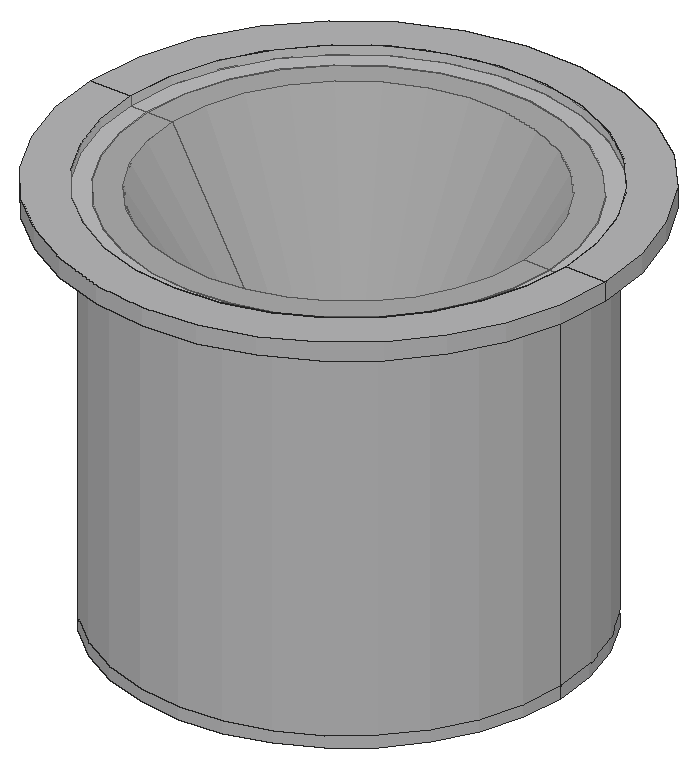
Revit family "2049529 Lighting Fixture_Sylvania_Myriad V LED_Ceiling Recessed", category Lighting Fixtures, host Face, Revit 2015
Parameters (values of type "MYRIAD SS IP65 4000K DIMM WH")
  Weight = 0.39 kg
  Wattage = 15 W
  built-in parameter 1150110 = 1 (stored number, unit not read)
  Voltage Comments = "UNV (Universal Voltage; 220-240 Volt)"  # constant formula
  Voltage = 240 V  # constant formula
  URL = ""
  built-in parameter 1114217 = 1 (stored number, unit not read)
  Tilt Angle = -90.00°  # constant formula
  built-in parameter 1150109 = 1 (stored number, unit not read)
  built-in parameter 1150134 = 12
  built-in parameter 1150113 = 1 (stored number, unit not read)
  Reflector Material = Steel_Sylvania_Myrad V LED_Chrome
  Recessed Depth = 72.0 mm
  Photometric Web File = "2049529_MYRIADVGlassWthiteBezelLED16W4K30deg+Dimmable-89348.ies"
  Product Page URL = ""
  Product Family = "MYRIAD V LED - IP65 GLASS WHITE BEZEL"  # constant formula
  Photometry Comments = ""
  built-in parameter 1150105 = 80.775 (stored number, unit not read)
  Lumens = 1015.05 lm
  built-in parameter 1150115 = 1 (stored number, unit not read)
  built-in parameter 1150137 = (empty or 0)
  built-in parameter 1150139 = (empty or 0)
  Life = "50 000h"  # constant formula
  built-in parameter 1150112 = 1 (stored number, unit not read)
  built-in parameter 1150114 = 1 (stored number, unit not read)
  Lamp Comments = "13W Citizen Citiled neutral 4000K"
  LOR = "100%"
  Inner Radius = Cutout Radius - 2.0 mm  # 36.0 mm
  built-in parameter 1150132 = 2
  built-in parameter 1150102 = (empty or 0)
  built-in parameter 1150107 = 4000 (stored number, unit not read)
  built-in parameter 1150138 = (empty or 0)
  built-in parameter 1150106 = 0.80775 (stored number, unit not read)
  Energy Class = "A++A+A"  # constant formula
  Emit from Circle Diameter = Diffuser Diameter  # 78.0 mm
  Emit Shape Visible in Rendering = no
  built-in parameter 1150104 = 6.2867 (stored number, unit not read)
  Dimming Range = "Dimmable"  # constant formula
  Dimming Lamp Color Temperature Shift = <None>
  Diffuser Diameter = Cutout Diameter + 2.0 mm  # 78.0 mm
  Diameter = Cutout Diameter  # 76.0 mm
  Cutout Radius = Cutout Diameter / 2  # 38.0 mm
  Cutout Diameter = 76.0 mm
  Control Gear Type = "Electronic"
  Color Filter = 16777215
  Catalog Number = "2049529 MYRIAD SS IP65 4000K DIMM WH"
  Body Material = Aluminum_Sylvania_Myrad V LED_Silver
  Beam Angle = 30.00°  # constant formula
  built-in parameter 1114218 = 1 (stored number, unit not read)
  built-in parameter 1150133 = 10 (stored number, unit not read)
  IP Rating = "IP65"  # constant formula
  Electrical Protection = "CLASS II"  # constant formula
  built-in parameter 1114216 [instance] = 1 (stored number, unit not read)
  Model = "MYRIAD SS IP65 4000K DIMM WH"
  Manufacturer = "Feilo-Sylvania Group"
  Lamp = "Integrated LED"
  Diffuser Material = Polycarbonate_Sylvania_Myrad V LED_Clear
  Description = "New high output high efficiency LED downlight modules. IR/UV free light source without heat radiation. Energy efficient light source with far superior luminous flux per watt than existing Low Voltage Halogen. Long life up to 50K hours, fit and forget maintenance free lighting solution. Dimmable options including DALI as standard. IP44 & IP65 versions as standard options. New range of Architectural accessories each providing a different lit dimension. Choice of colour temperatures warm 3000K and neutral 4000K. Luminaires supplied complete with LED drivers. Emergency versions passes through cut out. New completely flush plaster up accessory ring for clean ceiling lines and smooth finish. Total circuit power I5W"  # constant formula
  Default Elevation = 0.0 mm
  built-in parameter 1140040 [instance] = 1
  Assembly Code = "D5020200"
  Apparent Load Comments = ""
  Apparent Load = 15 VA
Reference planes
  plane 1 "Center (Front/Back)": y = 0
  plane 2: z = 0
  plane 3 "Center (Left/Right)": x = 0
  plane 4 "Fixture Bottom": z = 3
  plane 5 "Diffuser": z = 1.454
  plane 6 "Housing Top": z = -66.546
  plane 7 "Housing Thickness": z = -64.546
  plane 8 "Reflector Top": z = -33.546
  plane 9 "Fixture Top": z = -72
Forms (mm)
  Extrusion 1, void
    sketch origin (0, 0, 58) x (-1, 0, 0) y (0, -1, 0)
      loop
        circle (0, 0) r 38
    from -124.546 to -55
  Revolve 2, solid, material "Aluminum_Sylvania_Myrad V LED_Silver" <- "Body Material", detail levels fine
    sketch origin (0, 0, 0) x (1, 0, 0) y (0, 0, 1)
      loop
        line (-46.021, 3) -> (-46.021, 0) -> (-38, 0) -> (-38, -64.546) -> (-36.037, -64.546) -> (-36.037, 1.454) -> (-39, 1.454) -> (-39, 3) -> (-46.021, 3)
      axis (0, 3) -> (0, -64.546)
    angle from 0 to 360
  Extrusion 3, solid, material "Aluminum_Sylvania_Myrad V LED_Silver" <- "Body Material", detail levels fine
    sketch origin (0, 0, 58) x (-1, 0, 0) y (0, -1, 0)
      loop
        circle (0, 0) r 38
    from -124.546 to -122.546
  Revolve 4, solid, material "Steel_Sylvania_Myrad V LED_Chrome" <- "Reflector Material", detail levels fine
    sketch origin (0, 0, 0) x (1, 0, 0) y (0, 0, 1)
      loop
        line (-36, -33.546) -> (0, -33.546) -> (0, -31.083) -> (-12.669, -31.083) -> (-31.5, 1.454) -> (-36, 1.454) -> (-36, -33.546)
      axis (0, 1.454) -> (0, -33.546)
    angle from 0 to 360
  Extrusion 5, solid, material "Polycarbonate_Sylvania_Myrad V LED_Clear" <- "Diffuser Material", detail levels fine
    sketch origin (0, 0, 58) x (-1, 0, 0) y (0, -1, 0)
      loop
        circle (0, 0) r 39
    from -56.546 to -55
  Revolve 6, solid, material "Aluminum_Sylvania_Myrad V LED_Silver" <- "Body Material", detail levels coarse+medium
    sketch origin (0, 0, 0) x (1, 0, 0) y (0, 0, 1)
      loop
        line (-46.021, 3) -> (-46.021, 0) -> (-38, 0) -> (-38, -72) -> (0, -72) -> (0, 3) -> (-46.021, 3)
      axis (0, 3) -> (0, -72)
    angle from 0 to 360
  Revolve 7, solid
    sketch origin (0, 0, 0) x (1, 0, 0) y (0, 0, 1)
      loop
        line (-28, -66.546) -> (-28, -70)
        arc (-28, -70) -> (-27.414, -71.414) -> (-26, -72) r 2
        line (-26, -72) -> (-4.499, -72) -> (-4.499, -66.546) -> (-28, -66.546)
      axis (-4.499, -66.546) -> (-4.499, -72)
    angle from 0 to 360
Cuts and joins
  joined: Revolve 2, Extrusion 3
Dimensions and locks
  locked: plane 4 "Fixture Bottom" to plane 2 at 3
  locked: plane 5 "Diffuser" to plane 2 at 1.454
  "Cutout Radius": plane 3 "Center (Left/Right)" to Revolve 2 sketch curve
  locked: Revolve 2 sketch curve to Revolve 2 sketch curve at 1.963
  locked: Revolve 2 sketch curve to Revolve 2 sketch curve at 8.021
  locked: Revolve 4 sketch curve to Revolve 4 sketch curve at 2.463
  locked: Revolve 2 sketch curve to Revolve 2 sketch curve at 1
  "Inner Radius": plane 3 "Center (Left/Right)" to Revolve 4 sketch curve
  locked: Revolve 4 sketch curve to Revolve 4 sketch curve at 4.5
  locked: Revolve 4 sketch curve to Revolve 4 sketch curve at 23.331
  locked: plane 5 "Diffuser" to plane 8 "Reflector Top" at 35
  locked: Revolve 6 sketch curve to Revolve 6 sketch curve at 8.021
  "Cutout Radius": Revolve 6 sketch curve to imposter light
  "Recessed Depth": plane 2 to plane 9 "Fixture Top"
  locked: Revolve 7 sketch curve to imposter light at 4.499
  imposter light to Revolve 7 sketch curve = 28.0 mm
  plane 7 "Housing Thickness" to plane 6 "Housing Top" to plane 9 "Fixture Top" = 2.0 mm locked, 5.454 mm locked
  "Cutout Diameter": diameter of Extrusion 1 sketch curve
  "Cutout Diameter": diameter of Extrusion 3 sketch curve
  "Diffuser Diameter": diameter of Extrusion 5 sketch curve
  aligned and locked: host face to plane 2
  aligned and locked: level to host face
  aligned and locked: Revolve 2 sketch curve to plane 4 "Fixture Bottom"
  aligned and locked: Revolve 2 sketch curve to plane 5 "Diffuser"
  aligned and locked: Revolve 2 sketch curve to plane 2
  aligned and locked: Revolve 2 sketch curve to plane 3 "Center (Left/Right)"
  aligned and locked: plane 7 "Housing Thickness" to Extrusion 3
  aligned and locked: Extrusion 3 to plane 6 "Housing Top"
  aligned and locked: Revolve 2 sketch curve to plane 7 "Housing Thickness"
  aligned and locked: Revolve 4 sketch curve to plane 5 "Diffuser"
  aligned and locked: Revolve 4 sketch curve to plane 3 "Center (Left/Right)"  (x2)
  aligned and locked: Extrusion 5 to plane 5 "Diffuser"
  aligned and locked: plane 4 "Fixture Bottom" to Extrusion 5
  aligned and locked: Revolve 4 sketch curve to plane 8 "Reflector Top"
  aligned and locked: imposter light to plane 3 "Center (Left/Right)"
  aligned and locked: imposter light to plane 4 "Fixture Bottom"
  aligned and locked: imposter light to plane 1 "Center (Front/Back)"
  aligned and locked: Revolve 6 sketch curve to imposter light  (x2)
  aligned and locked: Revolve 6 sketch curve to plane 2
  aligned and locked: imposter light to Extrusion 1
  aligned and locked: Extrusion 1 to plane 6 "Housing Top"
  aligned and locked: Revolve 7 sketch curve to plane 6 "Housing Top"
  aligned and locked: Revolve 7 sketch curve to plane 9 "Fixture Top"
  aligned and locked: Revolve 7 sketch curve to Revolve 7 sketch curve
  aligned and locked: Revolve 6 sketch curve to plane 9 "Fixture Top"
Automatic sketch dimensions
  host sketch curve to host sketch curve = 345.0 mm
  host sketch curve to host sketch curve = 280.0 mm
  Revolve 7 sketch curve to plane 6 "Housing Top" = 0.0 mm
  Revolve 7 sketch curve to Revolve 7 sketch curve = 2.0 mm
  Revolve 7 sketch curve to plane 9 "Fixture Top" = 8.594 mm
  plane 1 "Center (Front/Back)" to Extrusion 1 sketch curve = 0.0 mm
  Extrusion 1 sketch curve to plane 3 "Center (Left/Right)" = 0.0 mm
  plane 8 "Reflector Top" to Revolve 2 sketch curve = 16.453 mm
  plane 4 "Fixture Bottom" to Revolve 2 sketch curve = 14.907 mm
  plane 1 "Center (Front/Back)" to Extrusion 3 sketch curve = 0.0 mm
  Extrusion 3 sketch curve to plane 3 "Center (Left/Right)" = 0.0 mm
  plane 4 "Fixture Bottom" to Revolve 4 sketch curve = 9.307 mm
  Revolve 4 sketch curve to Revolve 4 sketch curve = 25.0 mm
  plane 1 "Center (Front/Back)" to Extrusion 5 sketch curve = 0.0 mm
  Extrusion 5 sketch curve to plane 3 "Center (Left/Right)" = 0.0 mm
  Revolve 6 sketch curve to plane 3 "Center (Left/Right)" = 0.0 mm
  plane 8 "Reflector Top" to Revolve 6 sketch curve = 16.453 mm
  Revolve 6 sketch curve to Revolve 6 sketch curve = 14.907 mm
Connectors
  electrical at (0, 0, -72), driven by "Voltage", driven by "Apparent Load"
    settings: index 1, voltage 240 V, apparent load 0 VA, apparent load phase1 15 VA, apparent load phase2 0 VA, apparent load phase3 0 VA, power factor 1, load classification "Lighting", number of poles 1, system type 31, power factor state 1, is connector primary yes, connector utility no, sub classification motor no, connector description ""
